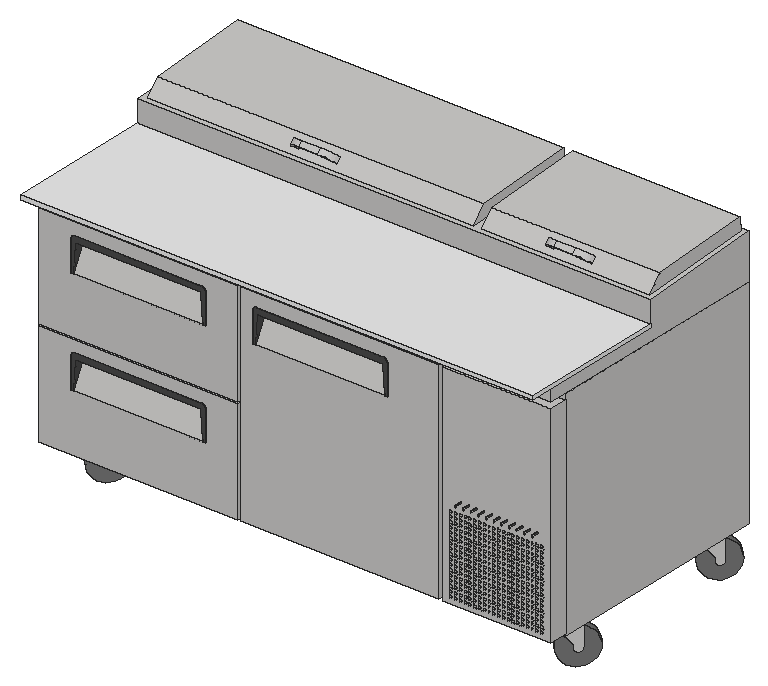
Revit family "QF_Turbo Air_TPR-67SD-D2", category Specialty Equipment, Revit 2012 (continued)
Definition of nested family "QF_Turbo Air_TBL_Door-1"
  Dimensions and locks (in)
    aligned and locked: plane 8 "Left of Handle" to Extrusion 1 sketch curve
  Automatic sketch dimensions
    Extrusion 3 sketch curve to Extrusion 3 sketch curve = 0' - 0 9/16"  (x2)
    Extrusion 2 sketch curve to plane 5 "FRONT" = 0' - 0"
Definition of nested family "QF_Turbo Air_TBL_Drawer"
  Parameters (values of type "QF_Turbo Air_TBL_Drawer")
    Width [instance] = 2' - 5 5/16"
    Watermarked By = "http://revitwatermark.com"
    Symbolic Lines [instance] = yes
    Manufacturer = "Turbo Air"  # constant formula
    Height [instance] = 2' - 3 7/16"
    Depth [instance] = 0' - 1 13/16"
  Reference planes (in)
    plane 1 "BACK": y = 0
    plane 2: z = 0
    plane 3 "LEFT": x = -15.17667
    plane 4: x = 14.13583
    plane 5 "FRONT": y = -1.8125
    plane 6: z = 27.4375
    plane 7 "Handle Center": x = -0.52042
    plane 8 "Door Center": z = 13.71875
  Forms (in)
    Extrusion 1, solid, material "QF_Finishes_Black"
      sketch origin (-31.11417, 0, 15.01083) x (0, 0, -1) y (1, 0, 0)
        loop
          arc (-10.23917, 39.40625) -> (-10.63691, 39.2415) -> (-10.80167, 38.84375) r 0.5625
          line (-10.80167, 38.84375) -> (-10.80167, 22.34375)
          arc (-10.80167, 22.34375) -> (-10.63691, 21.946) -> (-10.23917, 21.78125) r 0.5625
          line (-10.23917, 21.78125) -> (-6.30167, 21.78125) -> (-6.30167, 22.125) -> (-9.98917, 22.44761) -> (-9.98917, 38.73989) -> (-6.30167, 39.0625) -> (-6.30167, 39.40625) -> (-10.23917, 39.40625)
        loop
          line (7.41708, 21.78125) -> (7.41708, 22.125) -> (3.72958, 22.44761) -> (3.72958, 38.73989) -> (7.41708, 39.0625) -> (7.41708, 39.40625) -> (3.47958, 39.40625)
          arc (3.47958, 39.40625) -> (3.08184, 39.2415) -> (2.91708, 38.84375) r 0.5625
          line (2.91708, 38.84375) -> (2.91708, 22.34375)
          arc (2.91708, 22.34375) -> (3.08184, 21.946) -> (3.47958, 21.78125) r 0.5625
          line (3.47958, 21.78125) -> (7.41708, 21.78125)
      from 0 to 1.8125
    Extrusion 2, solid, material "QF_Finishes_Stainless Steel"
      sketch origin (-9.36417, 0, 15.01083) x (0, 1, 0) y (0, 0, 1)
        loop
          line (-1.8125, 6.30167) -> (0, 6.30167) -> (0, 9.98917) -> (-0.47036, 9.98917) -> (-1.8125, 6.30167)
        loop
          line (-1.8125, -7.41708) -> (0, -7.41708) -> (0, -3.72958) -> (-0.47036, -3.72958) -> (-1.8125, -7.41708)
      from 0.375 to 17.3125
    Extrusion 3, solid, material "QF_Finishes_Stainless Steel"
      sketch origin (0, 0, 0) x (1, 0, 0) y (0, 0, 1)
        loop
          line (-15.17667, 27.4375) -> (-15.17667, 13.84375) -> (14.13583, 13.84375) -> (14.13583, 27.4375) -> (-15.17667, 27.4375)
        loop
          line (-15.17667, 0) -> (14.13583, 0) -> (14.13583, 13.59375) -> (-15.17667, 13.59375) -> (-15.17667, 0)
        loop
          arc (-8.77042, 25.8125) -> (-9.16816, 25.64775) -> (-9.33292, 25.25) r 0.5625
          line (-9.33292, 25.25) -> (-9.33292, 21.3125) -> (8.29208, 21.3125) -> (8.29208, 25.25)
          arc (8.29208, 25.25) -> (8.12733, 25.64775) -> (7.72958, 25.8125) r 0.5625
          line (7.72958, 25.8125) -> (-8.77042, 25.8125)
        loop
          arc (-8.77042, 12.09375) -> (-9.16816, 11.929) -> (-9.33292, 11.53125) r 0.5625
          line (-9.33292, 11.53125) -> (-9.33292, 7.59375) -> (8.29208, 7.59375) -> (8.29208, 11.53125)
          arc (8.29208, 11.53125) -> (8.12733, 11.929) -> (7.72958, 12.09375) r 0.5625
          line (7.72958, 12.09375) -> (-8.77042, 12.09375)
      from 0 to 1.8125
  Lines and regions (in)
    symbolic lines, visible <- "Symbolic Lines"
      curve 1: line (-15.17667, 0, 25.96875) -> (14.13583, 0, 25.96875)
      curve 2: line (-15.17667, -1.8125, 25.96875) -> (-15.17667, 0, 25.96875)
      curve 3: line (14.13583, -1.8125, 25.96875) -> (-15.17667, -1.8125, 25.96875)
      curve 4: line (14.13583, 0, 25.96875) -> (14.13583, -1.8125, 25.96875)
  Dimensions and locks (in)
    "Width": plane 4 to plane 3 "LEFT"
    "Depth": plane 5 "FRONT" to plane 1 "BACK"
    "Height": plane 6 to plane 2
    locked: Extrusion 3 sketch curve to Extrusion 3 sketch curve at 4.5  (x2)
    locked: plane 6 to Extrusion 3 sketch curve at 1.625
    locked: plane 6 to Extrusion 1 sketch curve at 1.625
    locked: Extrusion 1 sketch curve to Extrusion 1 sketch curve at 0.8125  (x2)
    locked: Extrusion 1 sketch curve to Extrusion 1 sketch curve at 4.5  (x4)
    locked: Extrusion 1 sketch curve to Extrusion 1 sketch curve at 0.66636  (x4)
    locked: plane 6 to Extrusion 2 sketch curve at 2.4375
    locked: Extrusion 2 sketch curve to Extrusion 2 sketch curve at 3.6875  (x2)
    locked: Extrusion 2 sketch curve to plane 5 "FRONT" at 1.34214  (x2)
    equal spacing: plane 3 "LEFT", plane 7 "Handle Center", plane 4
    equal spacing: plane 6, plane 8 "Door Center", level
    Extrusion 3 sketch curve to plane 8 "Door Center" to Extrusion 3 sketch curve = 0' - 0 1/8" locked, 0' - 0 1/8" locked
    Extrusion 3 sketch curve to plane 7 "Handle Center" to Extrusion 3 sketch curve = 0' - 8 13/16" locked, 0' - 8 13/16" locked  (x2)
    locked: plane 8 "Door Center" to Extrusion 3 sketch curve at 1.625
    Extrusion 1 sketch curve to plane 7 "Handle Center" to Extrusion 1 sketch curve = 0' - 8 13/16" locked, 0' - 8 13/16" locked  (x2)
    Extrusion 2 to plane 7 "Handle Center" to Extrusion 2 = 0' - 8 15/32" locked, 0' - 8 15/32" locked
    locked: plane 8 "Door Center" to Extrusion 1 sketch curve at 1.625
    locked: plane 8 "Door Center" to Extrusion 2 sketch curve at 2.4375
    aligned and locked: level to plane 2
    aligned and locked: Extrusion 3 sketch curve to plane 6
    aligned and locked: plane 3 "LEFT" to Extrusion 3 sketch curve  (x2)
    aligned and locked: level to Extrusion 3 sketch curve
    aligned and locked: Extrusion 3 sketch curve to plane 4  (x2)
    aligned and locked: plane 5 "FRONT" to Extrusion 3
    aligned and locked: Extrusion 2 sketch curve to plane 1 "BACK"  (x2)
    aligned and locked: plane 1 "BACK" to curve 1
    aligned and locked: plane 3 "LEFT" to curve 2
    aligned and locked: curve 3 to plane 5 "FRONT"
    aligned and locked: curve 4 to plane 4
  Automatic sketch dimensions
    Extrusion 1 sketch curve to Extrusion 1 sketch curve = 0' - 0 1/4"  (x4)
    Extrusion 1 sketch curve to Extrusion 1 sketch curve = 0' - 0 11/32"  (x4)
    Extrusion 2 sketch curve to plane 5 "FRONT" = 0' - 0"  (x2)
    Extrusion 3 sketch curve to Extrusion 3 sketch curve = 0' - 0 9/16"  (x4)
